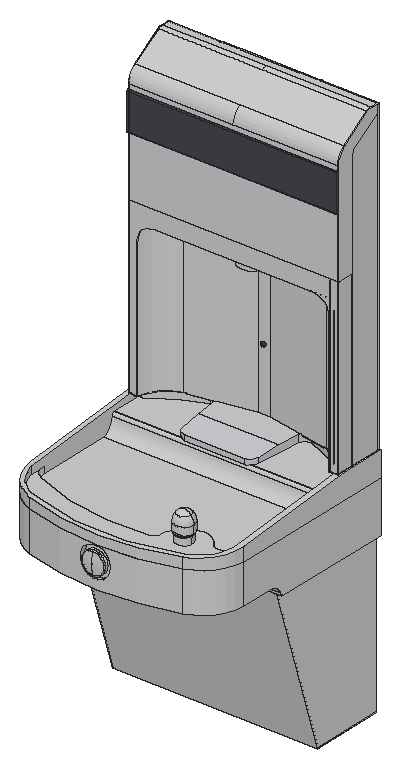
Revit family "Pro_Filtration_Vandal-Resistant_Connected_Bottle_Filling-Elkay-LVRC8WSPRO_FLP4_FSR5_UV_2FLP4_2FL10", category Plumbing Fixtures, Revit 2022 (continued)
Definition of nested family "Bottle filler"
  Dimensions and locks (in)
    aligned and locked: plane 12 to Extrusion 4
    aligned and locked: Extrusion 4 to plane 16
    aligned and locked: plane 17 to Extrusion 5 sketch curve
    aligned and locked: Extrusion 5 sketch curve to plane 18
    aligned and locked: Extrusion 5 sketch curve to plane 1 "Center (Front/Back)"
    aligned and locked: Extrusion 5 to plane 4
    aligned and locked: plane 5 to Extrusion 5
    aligned and locked: Extrusion 6 sketch curve to plane 6
    aligned and locked: Extrusion 6 sketch curve to plane 5
    aligned and locked: plane 4 to Extrusion 6 sketch curve
    aligned and locked: level to Extrusion 6 sketch curve  (x2)
    aligned and locked: Extrusion 6 to plane 7
    aligned and locked: Extrusion 7 to plane 4
    aligned and locked: Extrusion 8 sketch curve to plane 5
    aligned and locked: Extrusion 1 sketch curve to plane 11
    aligned and locked: plane 11 to Extrusion 1 sketch curve
    aligned and locked: plane 8 to Extrusion 9
    aligned and locked: plane 8 to Extrusion 8
    aligned and locked: Extrusion 10 sketch curve to plane 6
    aligned and locked: Extrusion 10 to plane 7
    aligned and locked: Sweep 11 sketch curve to Extrusion 9
    aligned and locked: Extrusion 12 sketch curve to plane 23  (x3)
    aligned and locked: Extrusion 12 to plane 7
    aligned and locked: Extrusion 10 sketch curve to Extrusion 10 sketch curve  (x2)
    aligned and locked: Extrusion 13 sketch curve to Extrusion 13 sketch curve  (x2)
    aligned and locked: Extrusion 13 sketch curve to plane 6
    aligned and locked: Sweep 11 sketch curve to plane 1 "Center (Front/Back)"
    aligned and locked: Sweep 11 sketch curve to plane 6
    aligned and locked: Extrusion 7 sketch curve to Extrusion 7 sketch curve
    aligned and locked: Extrusion 14 sketch curve to Extrusion 14 sketch curve
    aligned and locked: plane 5 to Extrusion 14
    aligned and locked: Extrusion 15 sketch curve to Sweep 11  (x2)
    aligned and locked: Extrusion 15 sketch curve to plane 7
    aligned and locked: Extrusion 15 sketch curve to plane 8
    aligned and locked: plane 5 to Extrusion 15
    aligned and locked: Extrusion 16 to plane 4
    aligned and locked: Extrusion 17 sketch curve to plane 6
    aligned and locked: plane 7 to Extrusion 17 sketch curve
    aligned and locked: level to Extrusion 17 sketch curve
    aligned and locked: Extrusion 17 sketch curve to plane 1 "Center (Front/Back)"
    aligned and locked: Extrusion 17 to plane 4
    aligned and locked: plane 5 to Extrusion 17
    aligned and locked: plane 26 to Extrusion 18 sketch curve
    aligned and locked: plane 24 to Extrusion 18 sketch curve
    aligned and locked: plane 17 to Extrusion 18
    aligned and locked: plane 27 to Extrusion 19 sketch curve  (x2)
    aligned and locked: plane 28 to Extrusion 19 sketch curve
    aligned and locked: Extrusion 19 to plane 7
    aligned and locked: Extrusion 18 to Extrusion 6
    aligned and locked: plane 6 to Extrusion 6 sketch curve  (x2)
    aligned and locked: Extrusion 19 sketch curve to plane 27  (x2)
    aligned and locked: plane 1 "Center (Front/Back)" to Extrusion 9 sketch curve
    aligned and locked: Extrusion 9 sketch curve to plane 9
    aligned and locked: Extrusion 9 sketch curve to plane 4
    aligned and locked: plane 4 to Sweep 11 sketch curve
    aligned and locked: plane 1 "Center (Front/Back)" to Sweep 11 sketch curve
    aligned and locked: plane 5 to Sweep 11 sketch curve
    aligned and locked: plane 10 to Sweep 11 sketch curve
    aligned and locked: Sweep 11 sketch curve to plane 11
    aligned and locked: Extrusion 8 sketch curve to plane 1 "Center (Front/Back)"
    aligned and locked: Extrusion 8 sketch curve to plane 11
    aligned and locked: Extrusion 7 sketch curve to plane 7
    aligned and locked: cut or joined group of Extrusion 17, Extrusion 19 to Extrusion 14 sketch curve
    aligned and locked: plane 7 to Extrusion 20 sketch curve
    aligned and locked: Extrusion 20 sketch curve to plane 5
    aligned and locked: Extrusion 20 sketch curve to cut or joined group of Sweep 11, Extrusion 15, Extrusion 16, Extrusion 19  (x2)
    aligned and locked: Extrusion 20 sketch curve to cut or joined group of Extrusion 1, Extrusion 12, Extrusion 18
    aligned and locked: plane 1 "Center (Front/Back)" to Extrusion 20 sketch curve
    aligned and locked: level to Extrusion 20
    aligned and locked: plane 29 to Extrusion 20
    aligned and locked: level to Extrusion 7 sketch curve
    aligned and locked: Extrusion 14 sketch curve to level
  Automatic sketch dimensions
    Extrusion 1 sketch curve to Extrusion 1 sketch curve = 0.000"  (x14)
    Extrusion 1 sketch curve to plane 3 "Center (Left/Right)" = 0.000"
    plane 13 to Extrusion 1 sketch curve = 0.00862"
    Extrusion 1 sketch curve to plane 13 = 0.0323"
    plane 14 to Extrusion 1 sketch curve = 0.00862"
    Extrusion 1 sketch curve to plane 14 = 0.0323"
    Extrusion 1 sketch curve to plane 24 = 0.49999"
    Extrusion 1 sketch curve to Extrusion 1 sketch curve = 0.00305"
    Extrusion 2 sketch curve to plane 25 = 0.4477"
    plane 21 to Extrusion 2 sketch curve = 0.0677"
    plane 11 to Extrusion 3 sketch curve = 0.000"
    plane 22 to Extrusion 3 sketch curve = 0.65331"
    plane 14 to Extrusion 3 sketch curve = 0.00862"
    plane 17 to Extrusion 3 sketch curve = 0.48902"
    plane 1 "Center (Front/Back)" to Extrusion 5 sketch curve = 0.03895"
    Extrusion 5 sketch curve to plane 19 = 0.01908"
    Extrusion 7 sketch curve to plane 15 = 0.050"
    Extrusion 7 sketch curve to Extrusion 7 sketch curve = 0.5032"
    Extrusion 8 sketch curve to plane 10 = 0.000"
    Extrusion 8 sketch curve to plane 10 = 0.010"  (x2)
    Extrusion 8 sketch curve to Extrusion 8 sketch curve = 0.010"  (x3)
    plane 14 to Extrusion 8 sketch curve = 0.5177"
    plane 15 to Extrusion 8 sketch curve = 0.610"
    plane 11 to Extrusion 9 sketch curve = 0.000"
    plane 9 to Extrusion 9 sketch curve = 0.010"  (x2)
    Extrusion 9 sketch curve to Extrusion 9 sketch curve = 0.010"  (x3)
    plane 13 to Extrusion 9 sketch curve = 0.5177"
    plane 15 to Extrusion 9 sketch curve = 0.610"
    plane 25 to Extrusion 10 sketch curve = 2.190"
    Extrusion 10 sketch curve to Extrusion 10 sketch curve = 0.24749"  (x3)
    plane 19 to Extrusion 10 sketch curve = 1.26329"
    Extrusion 10 sketch curve to Extrusion 10 sketch curve = 0.750"
    Extrusion 10 sketch curve to Extrusion 10 sketch curve = 1.24497"
    Sweep 11 sketch curve to plane 7 = 0.000"
    Sweep 11 sketch curve to plane 8 = 0.000"
    Sweep 11 sketch curve to plane 11 = 0.64304"
    plane 15 to Sweep 11 sketch curve = 0.550"
    Sweep 11 sketch curve to plane 6 = 0.11293"
    plane 7 to Sweep 11 sketch curve = 1.11757"
    Sweep 11 sketch curve to Sweep 11 sketch curve = 0.38125"
    plane 19 to Sweep 11 sketch curve = 0.44294"
    Sweep 11 sketch curve to Sweep 11 sketch curve = 0.010"  (x3)
    Sweep 11 sketch curve to plane 3 "Center (Left/Right)" = 0.03713"
    plane 3 "Center (Left/Right)" to Sweep 11 sketch curve = 0.01752"
    Extrusion 12 sketch curve to Extrusion 12 sketch curve = 0.06814"  (x3)
    Extrusion 12 sketch curve to plane 20 = 0.150"
    plane 3 "Center (Left/Right)" to Extrusion 12 sketch curve = 0.140"
    plane 25 to Extrusion 12 sketch curve = 0.150"
    plane 3 "Center (Left/Right)" to Extrusion 13 sketch curve = 2.500"
    plane 19 to Extrusion 13 sketch curve = 1.26329"
    Extrusion 13 sketch curve to Extrusion 13 sketch curve = 0.24749"  (x3)
    Extrusion 13 sketch curve to Extrusion 13 sketch curve = 0.750"
    Extrusion 13 sketch curve to Extrusion 13 sketch curve = 1.24497"
    Extrusion 15 sketch curve to plane 11 = 0.81553"
    Extrusion 15 sketch curve to Extrusion 15 sketch curve = 0.040"
    plane 15 to Extrusion 15 sketch curve = 0.24848"
    Extrusion 15 sketch curve to plane 15 = 0.160"
    Extrusion 15 sketch curve to plane 6 = 0.37854"
    Extrusion 15 sketch curve to Extrusion 15 sketch curve = 0.08541"
    Extrusion 15 sketch curve to Extrusion 15 sketch curve = 0.34041"
    Extrusion 16 sketch curve to plane 8 = 0.000"
    Extrusion 16 sketch curve to plane 7 = 0.000"
    Extrusion 16 sketch curve to Extrusion 16 sketch curve = 0.73632"
    Extrusion 16 sketch curve to plane 6 = 0.37854"
    Extrusion 16 sketch curve to Extrusion 16 sketch curve = 0.20876"
    Extrusion 16 sketch curve to plane 15 = 0.160"
    plane 15 to Extrusion 16 sketch curve = 0.24848"
    plane 15 to Extrusion 16 sketch curve = 0.550"
    plane 15 to Extrusion 16 sketch curve = 0.590"
    Extrusion 16 sketch curve to plane 11 = 0.81553"
    Extrusion 16 sketch curve to plane 11 = 0.27671"
    Extrusion 16 sketch curve to Extrusion 16 sketch curve = 0.06184"
    Extrusion 16 sketch curve to Extrusion 16 sketch curve = 0.34041"
    plane 19 to Extrusion 16 sketch curve = 1.43533"
    Extrusion 16 sketch curve to Extrusion 16 sketch curve = 0.71441"
    Extrusion 17 sketch curve to plane 11 = 0.64304"
    plane 15 to Extrusion 17 sketch curve = 0.550"
    Extrusion 17 sketch curve to plane 6 = 0.11337"
    plane 7 to Extrusion 17 sketch curve = 1.11827"
    Extrusion 17 sketch curve to Extrusion 17 sketch curve = 0.38274"
    plane 19 to Extrusion 17 sketch curve = 0.44296"
    Extrusion 19 sketch curve to Extrusion 19 sketch curve = 0.000"
    plane 20 to Extrusion 19 sketch curve = 0.130"
    plane 3 "Center (Left/Right)" to Extrusion 19 sketch curve = 0.170"
    Extrusion 19 sketch curve to plane 24 = 0.120"
    plane 25 to Extrusion 19 sketch curve = 0.200"
    Extrusion 19 sketch curve to plane 25 = 0.100"
    plane 27 to Extrusion 19 sketch curve = 0.220"
    plane 13 to Extrusion 6 sketch curve = 0.7177"
    plane 25 to Extrusion 6 sketch curve = 1.990"
    Extrusion 6 sketch curve to plane 27 = 0.84371"  (x2)
    Extrusion 6 sketch curve to plane 24 = 2.690"
    plane 3 "Center (Left/Right)" to Extrusion 6 sketch curve = 2.300"
    Extrusion 6 sketch curve to Extrusion 6 sketch curve = 1.700"
    plane 14 to Extrusion 6 sketch curve = 0.7177"
    Extrusion 6 sketch curve to level = 1.000"
    plane 15 to Extrusion 14 sketch curve = 0.27678"
    Extrusion 14 sketch curve to plane 27 = 0.84572"
    Extrusion 14 sketch curve to Extrusion 14 sketch curve = 0.5032"
    Extrusion 14 sketch curve to plane 15 = 0.050"
    Extrusion 20 sketch curve to plane 3 "Center (Left/Right)" = 0.000"
    plane 13 to Extrusion 20 sketch curve = 0.00021"
    plane 17 to Extrusion 20 sketch curve = 0.48902"  (x2)
    plane 25 to Extrusion 20 sketch curve = 1.07331"
    plane 22 to Extrusion 20 sketch curve = 0.65331"
    Extrusion 20 sketch curve to Extrusion 20 sketch curve = 0.000"  (x4)
    plane 17 to Extrusion 20 sketch curve = 3.298"
    plane 14 to Extrusion 20 sketch curve = 0.00021"
    radius of Extrusion 4 sketch curve = 1.080"
    radius of Extrusion 4 sketch curve = 1.120"
    radius of Extrusion 18 sketch curve = 0.250"
    radius of Extrusion 19 sketch curve = 0.250"  (x2)
Definition of nested family "bublber"
  Parameters (values of type "bublber")
    material [instance] = none
    Default Elevation = 0.000"
  Reference planes (in)
    plane 1 "Center (Front/Back)": y = 0
    plane 2: z = 0
    plane 3 "Center (Left/Right)": x = 0
    plane 4: x = -0.82
    plane 5: x = 0.82
    plane 6: y = 0.82
    plane 7: y = -0.82
  Forms (in)
    Revolve 1, solid, material <- "material"
      sketch origin (0, 0, 0) x (1, 0, 0) y (0, 0, 1)
        loop
          arc (0.68694, 0.60667) -> (0.69227, 0.64712) -> (0.70788, 0.68482) r 0.15631
          arc (0.70788, 0.68482) -> (0.75126, 0.7321) -> (0.79204, 0.78163) r 1.19581
          arc (0.79204, 0.78163) -> (0.81046, 0.80509) -> (0.82, 0.83335) r 0.08815
          line (0.82, 0.83335) -> (0.82, 1.47186)
          arc (0.82, 1.47186) -> (0.76027, 1.82315) -> (0.58779, 2.13496) r 1.06285
          arc (0.58779, 2.13496) -> (0.32611, 2.34228) -> (0, 2.41378) r 0.74146
          line (0, 2.41378) -> (0, 2.23408)
          arc (0, 2.23408) -> (0.24818, 2.18036) -> (0.44736, 2.02285) r 0.56178
          arc (0.44736, 2.02285) -> (0.59068, 1.76376) -> (0.64031, 1.47186) r 0.88316
          line (0.64031, 1.47186) -> (0.64031, 0.87947)
          arc (0.64031, 0.87947) -> (0.60466, 0.83756) -> (0.5668, 0.79764) r 1.01612
          arc (0.5668, 0.79764) -> (0.52249, 0.70669) -> (0.50725, 0.60667) r 0.336
          line (0.50725, 0.60667) -> (0.50725, 0) -> (0.68694, 0) -> (0.68694, 0.60667)
        axis (0, 2.41378) -> (0, 0)
      angle from 0 to 360
    Extrusion 2, void
      sketch origin (0, 0, 0) x (-1, 0, 0) y (0, 0, -1)
        loop
          arc (0.83156, -1.12537) -> (0.77388, -1.15026) -> (0.71953, -1.18178) r 0.53126
          arc (0.71953, -1.18178) -> (0.62449, -1.28616) -> (0.59042, -1.42314) r 0.2882
          arc (0.59042, -1.42314) -> (0.55838, -2.0095) -> (0.6128, -2.5942) r 3.98715
          line (0.6128, -2.5942) -> (0.97905, -2.5942) -> (0.97905, -1.12537) -> (0.83156, -1.12537)
      from -3.15581 to 4.85057
  Cuts and joins
    Extrusion 2 cuts Revolve 1
  Dimensions and locks (in)
    locked: plane 4 to plane 5 at 1.64
    equal spacing: plane 4, plane 3 "Center (Left/Right)", plane 5
    plane 4 to plane 3 "Center (Left/Right)" = 0.820"
    equal spacing: plane 6, plane 1 "Center (Front/Back)", plane 7
    locked: plane 6 to plane 7 at 1.64
    plane 1 "Center (Front/Back)" to plane 6 = 0.820"
    aligned and locked: level to plane 2
    aligned and locked: Revolve 1 sketch curve to level
  Automatic sketch dimensions
    Revolve 1 sketch curve to Revolve 1 sketch curve = 0.000"  (x8)
    Revolve 1 sketch curve to plane 3 "Center (Left/Right)" = 0.000"  (x2)
    Revolve 1 sketch curve to plane 5 = 0.000"
    Revolve 1 sketch curve to plane 3 "Center (Left/Right)" = 0.15123"
    Revolve 1 sketch curve to Revolve 1 sketch curve = 0.09161"
    plane 3 "Center (Left/Right)" to Revolve 1 sketch curve = 0.00832"
    Revolve 1 sketch curve to plane 5 = 0.31275"
    Revolve 1 sketch curve to plane 5 = 0.17969"
    Revolve 1 sketch curve to plane 5 = 0.13306"
    Revolve 1 sketch curve to plane 5 = 0.08709"
    plane 5 to Revolve 1 sketch curve = 0.02326"
    level to Revolve 1 sketch curve = 0.60667"
    Revolve 1 sketch curve to Revolve 1 sketch curve = 0.22669"
    Revolve 1 sketch curve to Revolve 1 sketch curve = 0.01366"
    Revolve 1 sketch curve to Revolve 1 sketch curve = 0.03245"
    Revolve 1 sketch curve to Revolve 1 sketch curve = 0.59239"
    Revolve 1 sketch curve to Revolve 1 sketch curve = 0.04476"
    Revolve 1 sketch curve to Revolve 1 sketch curve = 0.15575"
    Revolve 1 sketch curve to Revolve 1 sketch curve = 0.21123"
    Revolve 1 sketch curve to Revolve 1 sketch curve = 0.1797"
    Revolve 1 sketch curve to Revolve 1 sketch curve = 0.02094"
    Revolve 1 sketch curve to level = 0.21599"
    Revolve 1 sketch curve to Revolve 1 sketch curve = 0.11225"
    plane 4 to Extrusion 2 sketch curve = 0.2072"
    Extrusion 2 sketch curve to plane 4 = 0.01156"
    Extrusion 2 sketch curve to plane 4 = 0.05862"
    Extrusion 2 sketch curve to Extrusion 2 sketch curve = 0.14749"
    Extrusion 2 sketch curve to plane 4 = 0.19279"
    level to Extrusion 2 sketch curve = 1.93332"
    Extrusion 2 sketch curve to Extrusion 2 sketch curve = 3.532"
    level to Extrusion 2 sketch curve = 2.5942"
    Extrusion 2 sketch curve to Extrusion 2 sketch curve = 0.96943"
    Extrusion 2 sketch curve to Extrusion 2 sketch curve = 0.20267"
    Extrusion 2 sketch curve to Extrusion 2 sketch curve = 0.29672"
    plane 4 to Extrusion 2 sketch curve = 0.22958"
Types (7): name | Product data URL | Product Weight (lbs) | Product Page URL | Product Documentation Link | Model | Description | Approx. Shipping Weight (lbs)
  (no name) | "https://www.bimobject.com/elkay/product/LVRC8WSPRO-UV" | 79 | "https://www.elkay.com/products/drinking-water/bottle-filling-stations/on-wall/lvrc8wspro-uv" | "https://www.elkayfiles.com/spec-sheets/lvrc8wspro-uv_spec.pdf" | "LVRC8WSPRO-UV" | "Elkay Pro Filtration® Vandal-Resistant Connected Bottle Filling Station&Sgl ADA Cooler Refrig Ultra-Capacity Lead+UV Prtc SS" | 84
  LVRC8WSPRO-FLP4 (Elkay Pro Filtration® Vandal-Resistant Connected  Bottle Filling Station&Sgl ADA Cooler Refrig Total PFAS* + Lead Rd SS) | "https://www.bimobject.com/elkay/product/LVRC8WSPRO-FLP4" | 79 | "https://www.elkay.com/products/drinking-water/bottle-filling-stations/on-wall/lvrc8wspro-flp4" | "https://www.elkayfiles.com/spec-sheets/lvrc8wspro-flp4_spec.pdf" | "LVRC8WSPRO-FLP4" | "Elkay Pro Filtration® Vandal-Resistant Connected  Bottle Filling Station&Sgl ADA Cooler Refrig Total PFAS* + Lead Rd SS" | 84
  LVRC8WSPRO-UV (Elkay Pro Filtration® Vandal-Resistant Connected Bottle Filling Station&Sgl ADA Cooler Refrig Ultra-Capacity Lead+UV Prtc SS) | "https://www.bimobject.com/elkay/product/LVRC8WSPRO-UV" | 79 | "https://www.elkay.com/products/drinking-water/bottle-filling-stations/on-wall/lvrc8wspro-uv" | "https://www.elkayfiles.com/spec-sheets/lvrc8wspro-uv_spec.pdf" | "LVRC8WSPRO-UV" | "Elkay Pro Filtration® Vandal-Resistant Connected Bottle Filling Station&Sgl ADA Cooler Refrig Ultra-Capacity Lead+UV Prtc SS" | 84
  LVRC8WSPRO-FSR5 (Elkay Pro Filtration® Vandal-Resistant Connected Bottle Filling Station&Sgl ADA Cooler Refrig Ultra-Capacity Lead Rd SS) | "https://www.bimobject.com/elkay/product/LVRC8WSPRO-FSR5" | 79 | "https://www.elkay.com/products/drinking-water/bottle-filling-stations/on-wall/lvrc8wspro-fsr5" | "https://www.elkayfiles.com/spec-sheets/lvrc8wspro-fsr5_spec.pdf" | "LVRC8WSPRO-FSR5" | "Elkay Pro Filtration® Vandal-Resistant Connected Bottle Filling Station&Sgl ADA Cooler Refrig Ultra-Capacity Lead Rd SS" | 84
  LVRC8WSPRO  (Elkay Pro Filtration® Vandal-Resistant Connected Bottle Filling Station&Sgl ADA Cooler Refrig Ultra-Capacity Lead Rd SS) | "https://www.bimobject.com/elkay/product/LVRC8WSPRO" | 79 | "https://www.elkay.com/products/drinking-water/bottle-filling-stations/on-wall/lvrc8wspro" | "https://www.elkayfiles.com/spec-sheets/lvrc8wspro_spec.pdf" | "LVRC8WSPRO" | "Elkay Pro Filtration® Vandal-Resistant Connected Bottle Filling Station&Sgl ADA Cooler Refrig Ultra-Capacity Lead Rd SS" | 84
  LVRC8WSPRO-2FLP4 (Elkay Pro Filtration® Vandal-Resistant Connected Bottle Filling Station&Sgl ADA Cooler Refrig Dbl Total  PFAS*+Lead Rd SS) | "https://www.bimobject.com/elkay/product/LVRC8WSPRO-2FLP4" | 81 | "https://www.elkay.com/products/drinking-water/bottle-filling-stations/on-wall/lvrc8wspro-2flp4" | "https://www.elkayfiles.com/spec-sheets/lvrc8wspro-2flp4_spec.pdf" | "LVRC8WSPRO-2FLP4" | "Elkay Pro Filtration® Vandal-Resistant Connected Bottle Filling Station&Sgl ADA Cooler Refrig Dbl Total  PFAS*+Lead Rd SS" | 86
  LVRC8WSPRO-2FL10 (Elkay Pro Filtration® Vandal-Resistant Connected Bottle Filling Station&Sgl ADA Cooler Refrig Ultra-Capacity Lead Rd SS) | "https://www.bimobject.com/elkay/product/LVRC8WSPRO-2FL10" | 81 | "https://www.elkay.com/products/drinking-water/bottle-filling-stations/on-wall/lvrc8wspro-2fl10" | "https://www.elkayfiles.com/spec-sheets/lvrc8wspro-2fl10_spec.pdf" | "LVRC8WSPRO-2FL10" | "Elkay Pro Filtration® Vandal-Resistant Connected Bottle Filling Station&Sgl ADA Cooler Refrig Ultra-Capacity Lead Rd SS" | 86
